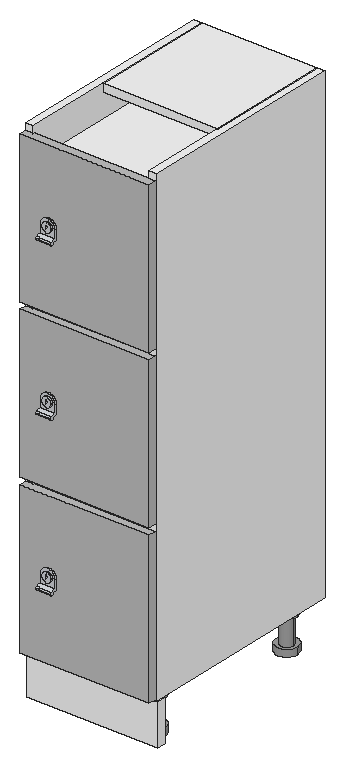
Revit family "1180H Locker Postal Slot Door", category Casework, Revit 2016
Family settings
  OmniClass Number = 23.40.35.00
  OmniClass Title = Casework
  Work Plane-Based = No
  Always vertical = Yes
  Cut with Voids When Loaded = No
  Shared = No
  Room Calculation Point = No
Parameters (values of type "LW311P3ABNP")
  WarrantyGuarantorParts = "www.bisley.com"  # constant formula
  WarrantyGuarantorLabour = "www.bisley.com"  # constant formula
  WarrantyDurationUnit = "Years"  # constant formula
  WarrantyDurationParts = "5"  # constant formula
  WarrantyDurationLabour = "5"  # constant formula
  WarrantyDescription = "5 Years Parts & Labour"  # constant formula
  Uniclass2015Version = "3.1"  # constant formula
  Uniclass2015Title = "Lockers"  # constant formula
  Uniclass2015Code = "Pr_40_30_78_48"  # constant formula
  URL = "www.bisley.com"
  SustainabilityPerformance = "FSC Approved"  # constant formula
  SerialNumber = ""
  NominalWidth = Width  # 300 mm
  NominalLength = Depth  # 500 mm
  NominalHeight = Height  # 1180 mm
  Name = "1180H Postal Slot"  # constant formula
  NBSReference = "45-35-80/380"  # constant formula
  NBSDescription = "General fittings, furnishings and equipment system"  # constant formula
  ModelReference = "LW311P3ABNP"
  Model = "Lockerwall"  # constant formula
  Material = "MFC"  # constant formula
  ManufacturerURL = "www.bisley.com"  # constant formula
  Manufacturer = "Bisley"  # constant formula
  ManufactureName = "Bisley"  # constant formula
  M3 Lock = no
  Foot [instance] = Foot 100 : Foot 100
  Finish = "Matt"  # constant formula
  E4 Lock = no
  DurationUnit = "Years"  # constant formula
  Description = "Lockers"  # constant formula
  Depth = 500 mm
  Height = 1180 mm
  Width = 300 mm
  Carcass Material = "MFC"  # constant formula
  Author = "Bisley"  # constant formula
  AssetType = "Fixed"  # constant formula
  AB Lock = yes
Types (19, lengths in mm): name | NominalWidth | ModelReference | M3 Lock | E4 Lock | Width | AB Lock
  (no name) | 300 | "LW311P3ABNP" | no | no | 300 | yes
  LW311P3ABNP | 300 | "LW311P3ABNP" | no | no | 300 | yes
  LW311P3M3NP | 300 | "LW311P3M3NP" | yes | no | 300 | no
  LW311P3E4NP | 300 | "LW311P3E4NP" | no | yes | 300 | no
  LW311P3ABUK | 300 | "LW311P3ABUK" | no | no | 300 | yes
  LW311P3E4UK | 300 | "LW311P3E4UK" | no | yes | 300 | no
  LW311P3M3UK | 300 | "LW311P3M3UK" | yes | no | 300 | no
  LW411P3ABNP | 400 | "LW411P3ABNP" | no | no | 400 | yes
  LW411P3ABUK | 400 | "LW411P3ABUK" | no | no | 400 | yes
  LW411P3E4NP | 400 | "LW411P3E4NP" | no | yes | 400 | no
  LW411P3E4UK | 400 | "LW411P3E4UK" | no | yes | 400 | no
  LW411P3M3NP | 400 | "LW411P3M3NP" | yes | no | 400 | no
  LW411P3M3UK | 400 | "LW411P3M3UK" | yes | no | 400 | no
  LW511P3ABNP | 500 | "LW511P3ABNP" | no | no | 500 | yes
  LW511P3ABUK | 500 | "LW511P3ABUK" | no | no | 500 | yes
  LW511P3E4NP | 500 | "LW511P3E4NP" | no | yes | 500 | no
  LW511P3E4UK | 500 | "LW511P3E4UK" | no | yes | 500 | no
  LW511P3M3NP | 500 | "LW511P3M3NP" | yes | no | 500 | no
  LW511P3M3UK | 500 | "LW511P3M3UK" | yes | no | 500 | no
Reference planes
  plane 1 "Back": y = 0
  plane 2: z = 0
  plane 3 "Center (Left/Right)": x = 44.7
  plane 4 "Front": y = -500
  plane 5 "Left": x = -105.3
  plane 6 "Right": x = 194.7
  plane 7 "Top": z = 1180
  plane 8 "Base": z = 98
  plane 9 "Base Left": x = -87.3
  plane 10 "Base Right": x = 176.7
  plane 11: y = -482
  plane 12: y = -10.5
  plane 13: y = -29.5
  plane 14 "Back Base": z = 110.5
  plane 15: z = 1167.5
  plane 16: z = 95
  plane 17 "Plinth": y = -477
  plane 18: y = -459
  plane 19: z = 101
  plane 20: z = 446
  plane 21: z = 461
  plane 22: z = 806
  plane 23: z = 821
  plane 24: z = 1166
  plane 25: x = -103.3
  plane 26: x = 192.7
  plane 27 "Shelf 2": z = 819
  plane 28 "Shelf 1": z = 459
  plane 29 "Shelf 3": z = 390
  plane 30 "Shelf 4": z = 750
  plane 31 "Shelf 5": z = 1108.5
  plane 32: y = -282.007
Forms (mm)
  Extrusion 1, solid, not visible
    sketch origin (-1691.73, 346.204, -12) x (1, 0, 0) y (0, 0, 1)
      loop
        line (48, 12) -> (56, 12) -> (56, 20) -> (48, 20) -> (48, 12)
    from 0 to 26
  Extrusion 2, solid, not visible
    sketch origin (-1683.73, 346.204, -12) x (-1, 0, 0) y (0, 0, -1)
      loop
        line (48, -12) -> (48, -20) -> (56, -20) -> (56, -12) -> (48, -12)
    from 0 to 26
  Extrusion 3, solid, not visible
    sketch origin (-1687.73, 350.204, -3.997) x (0, 1, 0) y (0, 0, 1)
      loop
        line (-26, 3.997) -> (-26, 11.997) -> (-34, 11.997) -> (-34, 3.997) -> (-26, 3.997)
    from -52 to 52
  Extrusion 4, solid, material "MFC 1"
    sketch origin (0, 0, 0) x (1, 0, 0) y (0, 1, 0)
      loop
        line (-105.3, -482) -> (-87.3, -482) -> (-87.3, 0) -> (-105.3, 0) -> (-105.3, -482)
    from 98 to 1180
  Extrusion 5, solid, material "MFC 1"
    sketch origin (0, 0, 98) x (-1, 0, 0) y (0, -1, 0)
      loop
        line (-176.7, 482) -> (-194.7, 482) -> (-194.7, 0) -> (-176.7, 0) -> (-176.7, 482)
    from 0 to 1082
  Extrusion 6, solid, material "MFC 1"
    sketch origin (0, 0, 98) x (-1, 0, 0) y (0, -1, 0)
      loop
        line (87.3, 482) -> (-176.7, 482) -> (-176.7, 0) -> (87.3, 0) -> (87.3, 482)
    from 0 to 18
  Extrusion 7, void
    sketch origin (176.7, 0, 0) x (0, 1, 0) y (0, 0, 1)
      loop
        line (-29.5, 110.5) -> (-10.5, 110.5) -> (-10.5, 116) -> (-29.5, 116) -> (-29.5, 110.5)
    from 0 to -264
  Extrusion 8, solid, material "MFC 1"
    sketch origin (0, 0, 1180) x (0, -1, 0) y (1, 0, 0)
      loop
        line (282.007, -87.3) -> (282.007, 176.7) -> (0, 176.7) -> (0, -87.3) -> (282.007, -87.3)
    from 0 to -18
  Extrusion 9, void
    sketch origin (176.7, 0, 0) x (0, 1, 0) y (0, 0, 1)
      loop
        line (-29.5, 1164.5) -> (-10.5, 1164.5) -> (-10.5, 1167.5) -> (-29.5, 1167.5) -> (-29.5, 1164.5)
    from 0 to -264
  Extrusion 10, solid, material "MFC 1"
    sketch origin (0, 0, 110.5) x (0, -1, 0) y (1, 0, 0)
      loop
        line (29.5, -87.3) -> (29.5, 176.7) -> (10.5, 176.7) -> (10.5, -87.3) -> (29.5, -87.3)
    from 0 to 1057
  Extrusion 11, solid, material "MFC 1"
    sketch origin (0, 0, 0) x (1, 0, 0) y (0, 1, 0)
      loop
        line (-105.3, -477) -> (194.7, -477) -> (194.7, -459) -> (-105.3, -459) -> (-105.3, -477)
    from 0 to 95
  Extrusion 12, solid, material "MFC 2"
    sketch origin (0, -500, 0) x (1, 0, 0) y (0, 0, 1)
      loop
        line (-103.3, 821) -> (192.7, 821) -> (192.7, 1166) -> (-103.3, 1166) -> (-103.3, 821)
    from 0 to -18
  Extrusion 13, solid, material "MFC 2"
    sketch origin (0, -500, 0) x (1, 0, 0) y (0, 0, 1)
      loop
        line (-103.3, 461) -> (192.7, 461) -> (192.7, 806) -> (-103.3, 806) -> (-103.3, 461)
    from 0 to -18
  Extrusion 14, solid, material "MFC 2"
    sketch origin (0, -500, 0) x (1, 0, 0) y (0, 0, 1)
      loop
        line (-103.3, 101) -> (192.7, 101) -> (192.7, 446) -> (-103.3, 446) -> (-103.3, 101)
    from 0 to -18
  Extrusion 15, solid, material "MFC 1"
    sketch origin (0, 0, 450) x (-1, 0, 0) y (0, -1, 0)
      loop
        line (87.3, 482) -> (-176.7, 482) -> (-176.7, 29.5) -> (87.3, 29.5) -> (87.3, 482)
    from 9 to 27
  Extrusion 16, solid, material "MFC 1"
    sketch origin (0, 0, 819) x (-1, 0, 0) y (0, -1, 0)
      loop
        line (87.3, 482) -> (-176.7, 482) -> (-176.7, 29.5) -> (87.3, 29.5) -> (87.3, 482)
    from 0 to 18
  Extrusion 17, solid, material "MFC 1"
    sketch origin (0, 0, 390) x (-1, 0, 0) y (0, -1, 0)
      loop
        line (87.3, 482) -> (-176.7, 482) -> (-176.7, 29.5) -> (87.3, 29.5) -> (87.3, 482)
    from 0 to -18
  Extrusion 18, solid, material "MFC 1"
    sketch origin (0, 0, 750) x (-1, 0, 0) y (0, -1, 0)
      loop
        line (87.3, 482) -> (-176.7, 482) -> (-176.7, 29.5) -> (87.3, 29.5) -> (87.3, 482)
    from 0 to -18
  Extrusion 19, solid, material "MFC 1"
    sketch origin (0, 0, 1108.5) x (-1, 0, 0) y (0, -1, 0)
      loop
        line (87.3, 482) -> (-176.7, 482) -> (-176.7, 29.5) -> (87.3, 29.5) -> (87.3, 482)
    from 0 to -18
Cuts and joins
  Extrusion 7, Extrusion 9 cuts Extrusion 5
  Extrusion 7 cuts Extrusion 6
  Extrusion 9 cuts Extrusion 4
  Extrusion 9 cuts Extrusion 8
Dimensions and locks
  "Width": plane 6 "Right" to plane 5 "Left"
  equal spacing: plane 6 "Right", plane 3 "Center (Left/Right)", plane 5 "Left"
  "Depth": plane 4 "Front" to plane 1 "Back"
  "Height": level to plane 7 "Top"
  locked: plane 5 "Left" to plane 9 "Base Left" at 18
  locked: plane 10 "Base Right" to plane 6 "Right" at 18
  locked: plane 7 "Top" to plane 15 at 12.5
  Extrusion 10 to plane 1 "Back" = 10.5 mm
  locked: nested 1 to plane 6 "Right" at 68
  locked: nested 2 to plane 6 "Right" at 68
  locked: plane 1 "Back" to nested 3 at 79.5
  locked: plane 11 to plane 4 "Front" at 18
  locked: plane 17 "Plinth" to plane 4 "Front" at 23
  locked: plane 18 to plane 4 "Front" at 41
  locked: nested 1 to plane 4 "Front" at 91
  locked: plane 5 "Left" to nested 4 at 68
  locked: plane 5 "Left" to nested 3 at 68
  locked: plane 4 "Front" to nested 4 at 91
  locked: plane 6 "Right" to plane 26 at 2
  locked: plane 25 to plane 5 "Left" at 2
  locked: plane 5 "Left" to nested 7 at 51
  locked: plane 5 "Left" to nested 6 at 51
  locked: plane 5 "Left" to nested 5 at 51
  locked: plane 5 "Left" to nested 10 at 40.5
  locked: plane 5 "Left" to nested 9 at 40.5
  locked: plane 5 "Left" to nested 8 at 40.5
  locked: plane 5 "Left" to nested 13 at 54.3
  locked: plane 5 "Left" to nested 12 at 54.3
  locked: plane 5 "Left" to nested 11 at 54.3
  aligned and locked: level to plane 2
  aligned and locked: Extrusion 4 sketch curve to plane 11
  aligned and locked: Extrusion 4 sketch curve to plane 5 "Left"
  aligned and locked: Extrusion 4 sketch curve to plane 1 "Back"
  aligned and locked: plane 9 "Base Left" to Extrusion 4 sketch curve
  aligned and locked: Extrusion 4 to plane 8 "Base"
  aligned and locked: Extrusion 4 to plane 7 "Top"
  aligned and locked: Extrusion 5 sketch curve to plane 11
  aligned and locked: Extrusion 5 sketch curve to plane 10 "Base Right"
  aligned and locked: Extrusion 5 sketch curve to plane 1 "Back"
  aligned and locked: plane 6 "Right" to Extrusion 5 sketch curve
  aligned and locked: Extrusion 5 to plane 7 "Top"
  aligned and locked: Extrusion 5 to plane 8 "Base"
  aligned and locked: Extrusion 4 to Extrusion 6 sketch curve
  aligned and locked: Extrusion 6 sketch curve to Extrusion 4
  aligned and locked: Extrusion 5 to Extrusion 6 sketch curve
  aligned and locked: Extrusion 6 sketch curve to Extrusion 5
  aligned and locked: plane 6 "Right" to Extrusion 5
  aligned and locked: Extrusion 7 to plane 9 "Base Left"
  aligned and locked: plane 10 "Base Right" to Extrusion 7
  aligned and locked: Extrusion 8 sketch curve to Extrusion 4
  aligned and locked: Extrusion 8 sketch curve to cut or joined group of Extrusion 6, Extrusion 7
  aligned and locked: cut or joined group of Extrusion 5, Extrusion 7, Extrusion 9 to Extrusion 8 sketch curve
  aligned and locked: plane 15 to Extrusion 9 sketch curve
  aligned and locked: Extrusion 10 sketch curve to cut or joined group of Extrusion 6, Extrusion 7  (x2)
  aligned and locked: cut or joined group of Extrusion 6, Extrusion 7 to Extrusion 10 sketch curve  (x2)
  aligned and locked: Extrusion 10 to plane 14 "Back Base"
  aligned and locked: plane 15 to Extrusion 10
  aligned and locked: Extrusion 9 to plane 9 "Base Left"
  aligned and locked: Extrusion 11 sketch curve to plane 17 "Plinth"
  aligned and locked: Extrusion 11 sketch curve to plane 5 "Left"
  aligned and locked: plane 18 to Extrusion 11 sketch curve
  aligned and locked: plane 6 "Right" to Extrusion 11 sketch curve
  aligned and locked: Extrusion 11 to plane 5 "Left"
  aligned and locked: plane 6 "Right" to Extrusion 11
  aligned and locked: Extrusion 5 to plane 11
  aligned and locked: Extrusion 4 to plane 11
  aligned and locked: Extrusion 12 to plane 25
  aligned and locked: plane 26 to Extrusion 12
  aligned and locked: Extrusion 12 to plane 23
  aligned and locked: plane 24 to Extrusion 12
  aligned and locked: Extrusion 13 sketch curve to plane 21
  aligned and locked: Extrusion 13 sketch curve to plane 25
  aligned and locked: plane 22 to Extrusion 13 sketch curve
  aligned and locked: plane 26 to Extrusion 13 sketch curve
  aligned and locked: Extrusion 14 sketch curve to plane 19
  aligned and locked: Extrusion 14 sketch curve to plane 25
  aligned and locked: plane 20 to Extrusion 14 sketch curve
  aligned and locked: plane 26 to Extrusion 14 sketch curve
  aligned and locked: Extrusion 15 sketch curve to cut or joined group of Extrusion 6, Extrusion 7  (x2)
  aligned and locked: cut or joined group of Extrusion 6, Extrusion 7 to Extrusion 15 sketch curve
  aligned and locked: nested 2 to Extrusion 15 sketch curve
  aligned and locked: Extrusion 16 sketch curve to cut or joined group of Extrusion 6, Extrusion 7  (x2)
  aligned and locked: cut or joined group of Extrusion 6, Extrusion 7 to Extrusion 16 sketch curve
  aligned and locked: nested 2 to Extrusion 16 sketch curve
  aligned and locked: Extrusion 16 to plane 9 "Base Left"
  aligned and locked: plane 10 "Base Right" to Extrusion 16
  aligned and locked: Extrusion 16 to plane 27 "Shelf 2"
  aligned and locked: Extrusion 15 to plane 28 "Shelf 1"
  aligned and locked: Extrusion 17 sketch curve to cut or joined group of Extrusion 6, Extrusion 7  (x2)
  aligned and locked: cut or joined group of Extrusion 6, Extrusion 7 to Extrusion 17 sketch curve
  aligned and locked: nested 2 to Extrusion 17 sketch curve
  aligned and locked: Extrusion 18 sketch curve to cut or joined group of Extrusion 6, Extrusion 7  (x2)
  aligned and locked: cut or joined group of Extrusion 6, Extrusion 7 to Extrusion 18 sketch curve
  aligned and locked: nested 2 to Extrusion 18 sketch curve
  aligned and locked: Extrusion 19 sketch curve to cut or joined group of Extrusion 6, Extrusion 7  (x2)
  aligned and locked: cut or joined group of Extrusion 6, Extrusion 7 to Extrusion 19 sketch curve
  aligned and locked: nested 2 to Extrusion 19 sketch curve
  aligned and locked: Extrusion 8 to plane 32
  aligned and locked: Extrusion 8 to plane 9 "Base Left"
  aligned and locked: plane 10 "Base Right" to Extrusion 8
  aligned and locked: Extrusion 8 to plane 1 "Back"
Automatic sketch dimensions
  Extrusion 1 sketch curve to Extrusion 1 sketch curve = 8 mm  (x2)
  Extrusion 2 sketch curve to Extrusion 2 sketch curve = 8 mm  (x2)
  Extrusion 3 sketch curve to Extrusion 3 sketch curve = 8 mm  (x2)
  Extrusion 7 sketch curve to plane 13 = 0 mm
  Extrusion 7 sketch curve to plane 12 = 0 mm
  Extrusion 7 sketch curve to plane 14 "Back Base" = 0 mm
  Extrusion 7 sketch curve to Extrusion 7 sketch curve = 5.5 mm
  Extrusion 9 sketch curve to plane 13 = 0 mm
  Extrusion 9 sketch curve to plane 12 = 0 mm
  Extrusion 9 sketch curve to Extrusion 9 sketch curve = 3 mm
  plane 24 to Extrusion 12 sketch curve = 0 mm
  Extrusion 12 sketch curve to plane 25 = 0 mm
  plane 26 to Extrusion 12 sketch curve = 0 mm
  Extrusion 12 sketch curve to plane 23 = 0 mm
  plane 11 to Extrusion 8 sketch curve = 199.993 mm
Nested families
  nested 1: "Foot 100" at (196.401, -409, 0) x (-1, 0, 0) z (0, 0, 1), type "Foot 100"
  nested 2: "Foot 100" at (196.401, -29.5, 0) x (-1, 0, 0) z (0, 0, 1), type "Foot 100"
  nested 3: "Foot 100" at (-107, -29.5, 0), type "Foot 100"
  nested 4: "Foot 100" at (-107, -409, 0), type "Foot 100"
  nested 5: "AB Lock" at (-82, -500, 253), visible <- "AB Lock", type "AB Lock"
  nested 6: "AB Lock" at (-82, -500, 613), visible <- "AB Lock", type "AB Lock"
  nested 7: "AB Lock" at (-82, -500, 971.5), visible <- "AB Lock", type "AB Lock"
  nested 8: "M3 Lock" at (-93, -500, 256), visible <- "M3 Lock", type "M3 Lock"
  nested 9: "M3 Lock" at (-93, -500, 616), visible <- "M3 Lock", type "M3 Lock"
  nested 10: "M3 Lock" at (-93, -500, 976), visible <- "M3 Lock", type "M3 Lock"
  nested 11: "E4 Lock" at (-83, -500, 265), visible <- "E4 Lock", type "E4 Lock"
  nested 12: "E4 Lock" at (-83, -500, 625), visible <- "E4 Lock", type "E4 Lock"
  nested 13: "E4 Lock" at (-83, -500, 983.5), visible <- "E4 Lock", type "E4 Lock"
Definition of nested family "Foot 100"
  Parameters (values of type "Foot 100")
    WarrantyGuarantorParts = "www.bisley.com"  # constant formula
    WarrantyGuarantorLabour = "www.bisley.com"  # constant formula
    WarrantyDurationUnit = "Years"  # constant formula
    WarrantyDurationParts = "5"  # constant formula
    WarrantyDurationLabour = "5"  # constant formula
    WarrantyDescription = "5 Years Parts & Labour"  # constant formula
    Uniclass2015Version = ""
    Uniclass2015Title = ""
    Uniclass2015Code = ""
    URL = "www.bisley.com"
    SustainabilityPerformance = "FSC Approved"  # constant formula
    SerialNumber = ""
    NominalWidth = Width  # 50 mm
    NominalLength = Depth  # 50 mm
    NominalHeight = Height  # 900 mm
    Name = ""
    NBSReference = ""
    NBSDescription = "General fittings, furnishings and equipment system"  # constant formula
    ModelReference = ""
    Model = "Abode"  # constant formula
    Material = "MFC"  # constant formula
    ManufacturerURL = "www.bisley.com"  # constant formula
    Manufacturer = "Bisley"  # constant formula
    ManufactureName = "Bisley"  # constant formula
    Finish = "Matt"  # constant formula
    ExpectedLife = "25"  # constant formula
    DurationUnit = "Years"  # constant formula
    Depth = 50 mm
    Height = 900 mm
    Width = 50 mm
    Carcass Material = "MFC"  # constant formula
    Author = "Bisley"  # constant formula
    AssetType = "Fixed"  # constant formula
  Reference planes
    plane 1 "Back": y = 0
    plane 2: z = 0
    plane 3 "Center (Left/Right)": x = 44.7
    plane 4 "Front": y = -50
    plane 5 "Left": x = 19.7
    plane 6 "Right": x = 69.7
    plane 7 "Top": z = 900
    plane 8: y = -25
    plane 9 "Foot top": z = 98
    plane 10: y = 0
    plane 11: y = -50
    plane 12: x = 19.7
    plane 13: x = 69.7
    plane 14: x = 24.7
    plane 15: y = -5
  Forms (mm)
    Extrusion 1, solid, not visible
      sketch origin (-1691.73, 346.204, -12) x (1, 0, 0) y (0, 0, 1)
        loop
          line (48, 12) -> (56, 12) -> (56, 20) -> (48, 20) -> (48, 12)
      from 0 to 26
    Extrusion 2, solid, not visible
      sketch origin (-1683.73, 346.204, -12) x (-1, 0, 0) y (0, 0, -1)
        loop
          line (48, -12) -> (48, -20) -> (56, -20) -> (56, -12) -> (48, -12)
      from 0 to 26
    Extrusion 3, solid, not visible
      sketch origin (-1687.73, 350.204, -3.997) x (0, 1, 0) y (0, 0, 1)
        loop
          line (-26, 3.997) -> (-26, 11.997) -> (-34, 11.997) -> (-34, 3.997) -> (-26, 3.997)
      from -52 to 52
    Extrusion 4, solid
      sketch origin (0, 275, 0) x (1, 0, 0) y (0, 1, 0)
        loop
          circle (44.7, -300) r 25
      from 0 to 15
    Extrusion 5, solid
      sketch origin (0, 275, 0) x (1, 0, 0) y (0, 1, 0)
        loop
          circle (44.7, -300) r 15
      from 15 to 78
    Extrusion 6, solid
      sketch origin (0, 275, 0) x (1, 0, 0) y (0, 1, 0)
        loop
          circle (44.7, -300) r 25
      from 78 to 98
    Extrusion 7, solid
      sketch origin (0, 275, 98) x (-1, 0, 0) y (0, -1, 0)
        loop
          line (-19.7, 325) -> (-69.7, 325) -> (-69.7, 275) -> (-19.7, 275) -> (-19.7, 325)
      from 0 to -10
    Extrusion 8, void
      sketch origin (0, 275, 98) x (-1, 0, 0) y (0, -1, 0)
        loop
          circle (-24.7, 280) r 2.5
      from 0 to -10
    Extrusion 9, void
      sketch origin (89.401, 275, 98) x (1, 0, 0) y (0, 1, 0)
        loop
          circle (-24.7, -280) r 2.5
      from 0 to -10
    Extrusion 10, void
      sketch origin (0, -325, 98) x (-1, 0, 0) y (0, -1, 0)
        loop
          circle (-24.7, -280) r 2.5
      from 0 to -10
    Extrusion 11, void
      sketch origin (89.401, -325, 98) x (1, 0, 0) y (0, 1, 0)
        loop
          circle (-24.7, 280) r 2.5
      from 0 to -10
  Cuts and joins
    Extrusion 8, Extrusion 9, Extrusion 10, Extrusion 11 cuts Extrusion 4
    Extrusion 8, Extrusion 9, Extrusion 10, Extrusion 11 cuts Extrusion 5
    Extrusion 8, Extrusion 9, Extrusion 10, Extrusion 11 cuts Extrusion 6
    Extrusion 8, Extrusion 9, Extrusion 10, Extrusion 11 cuts Extrusion 7
    joined: Extrusion 4, Extrusion 5, Extrusion 6, Extrusion 7
  Dimensions and locks
    "Width": plane 6 "Right" to plane 5 "Left"
    equal spacing: plane 6 "Right", plane 3 "Center (Left/Right)", plane 5 "Left"
    "Depth": plane 4 "Front" to plane 1 "Back"
    "Height": level to plane 7 "Top"
    aligned and locked: level to plane 2
    aligned and locked: Extrusion 5 to Extrusion 4
    aligned and locked: Extrusion 4 to level
    aligned and locked: Extrusion 6 to Extrusion 5
    aligned and locked: plane 9 "Foot top" to Extrusion 6
  Automatic sketch dimensions
    Extrusion 1 sketch curve to Extrusion 1 sketch curve = 8 mm  (x2)
    Extrusion 2 sketch curve to Extrusion 2 sketch curve = 8 mm  (x2)
    Extrusion 3 sketch curve to Extrusion 3 sketch curve = 8 mm  (x2)
    Extrusion 4 sketch curve to plane 3 "Center (Left/Right)" = 0 mm
    plane 8 to Extrusion 4 sketch curve = 0 mm
    Extrusion 5 sketch curve to plane 3 "Center (Left/Right)" = 0 mm
    plane 8 to Extrusion 5 sketch curve = 0 mm
    Extrusion 6 sketch curve to plane 3 "Center (Left/Right)" = 0 mm
    plane 8 to Extrusion 6 sketch curve = 0 mm
    Extrusion 7 sketch curve to plane 11 = 0 mm
    Extrusion 7 sketch curve to plane 13 = 0 mm
    plane 10 to Extrusion 7 sketch curve = 0 mm
    Extrusion 7 sketch curve to plane 12 = 0 mm
    Extrusion 8 sketch curve to plane 14 = 0 mm
    Extrusion 8 sketch curve to plane 15 = 0 mm
    plane 15 to Extrusion 9 sketch curve = 0 mm
    plane 13 to Extrusion 9 sketch curve = 5 mm
    Extrusion 10 sketch curve to plane 14 = 0 mm
    Extrusion 10 sketch curve to plane 11 = 5 mm
    Extrusion 11 sketch curve to plane 13 = 5 mm
    plane 11 to Extrusion 11 sketch curve = 5 mm
    radius of Extrusion 4 sketch curve = 25 mm
    radius of Extrusion 5 sketch curve = 15 mm
    radius of Extrusion 6 sketch curve = 25 mm
    radius of Extrusion 8 sketch curve = 2.5 mm
    radius of Extrusion 9 sketch curve = 2.5 mm
    radius of Extrusion 10 sketch curve = 2.5 mm
    radius of Extrusion 11 sketch curve = 2.5 mm
Definition of nested family "AB Lock"
  Parameters (values of type "AB Lock")
    WarrantyGuarantorParts = "www.bisley.com"  # constant formula
    WarrantyGuarantorLabour = "www.bisley.com"  # constant formula
    WarrantyDurationUnit = "Years"  # constant formula
    WarrantyDurationParts = "5"  # constant formula
    WarrantyDurationLabour = "5"  # constant formula
    WarrantyDescription = "5 Years Parts & Labour"  # constant formula
    Uniclass2015Version = ""
    Uniclass2015Title = ""
    Uniclass2015Code = ""
    URL = "www.bisley.com"
    SustainabilityPerformance = "FSC Approved"  # constant formula
    SerialNumber = ""
    NominalWidth = Width  # 34 mm
    NominalLength = Depth  # 15 mm
    NominalHeight = Height  # 45 mm
    Name = ""
    NBSReference = ""
    NBSDescription = "General fittings, furnishings and equipment system"  # constant formula
    ModelReference = ""
    Model = "Abode"  # constant formula
    Material = "MFC"  # constant formula
    ManufacturerURL = "www.bisley.com"  # constant formula
    Manufacturer = "Bisley"  # constant formula
    ManufactureName = "Bisley"  # constant formula
    Finish = "Matt"  # constant formula
    ExpectedLife = "25"  # constant formula
    DurationUnit = "Years"  # constant formula
    Depth = 15 mm
    Height = 45 mm
    Width = 34 mm
    Carcass Material = "MFC"  # constant formula
    Author = "Bisley"  # constant formula
    AssetType = "Fixed"  # constant formula
  Reference planes
    plane 1 "Back": y = 0
    plane 2: z = 0
    plane 3 "Center (Left/Right)": x = 44.7
    plane 4 "Front": y = -15
    plane 5 "Left": x = 27.7
    plane 6 "Right": x = 61.7
    plane 7 "Top": z = 45
    plane 8: z = 28
    plane 9: z = 3
    plane 10: x = 31.2
    plane 11: x = 58.2
    plane 12: z = 6
    plane 13: y = -12
    plane 14: z = 10
    plane 15 "Lockback": y = -3
    plane 16: x = 43.2
    plane 17: x = 46.2
    plane 18: z = 32
    plane 19: z = 24
  Forms (mm)
    Extrusion 1, solid, not visible
      sketch origin (-1691.73, 346.204, -12) x (1, 0, 0) y (0, 0, 1)
        loop
          line (48, 12) -> (56, 12) -> (56, 20) -> (48, 20) -> (48, 12)
      from 0 to 26
    Extrusion 2, solid, not visible
      sketch origin (-1683.73, 346.204, -12) x (-1, 0, 0) y (0, 0, -1)
        loop
          line (48, -12) -> (48, -20) -> (56, -20) -> (56, -12) -> (48, -12)
      from 0 to 26
    Extrusion 3, solid, not visible
      sketch origin (-1687.73, 350.204, -3.997) x (0, 1, 0) y (0, 0, 1)
        loop
          line (-26, 3.997) -> (-26, 11.997) -> (-34, 11.997) -> (-34, 3.997) -> (-26, 3.997)
      from -52 to 52
    Extrusion 4, solid
      sketch origin (0, 0, 0) x (1, 0, 0) y (0, 0, 1)
        loop
          line (27.7, 28) -> (27.7, 6) -> (61.7, 6) -> (61.7, 28)
          arc (61.7, 28) -> (44.7, 45) -> (27.7, 28) r 17
      from 0 to 3
    Extrusion 5, solid
      sketch origin (27.7, 0, 0) x (0, 1, 0) y (0, 0, 1)
        loop
          circle (-12, 3) r 3
      from 0 to 34
    Extrusion 6, solid
      sketch origin (27.7, 0, 0) x (0, 1, 0) y (0, 0, 1)
        loop
          line (0, 6) -> (-3, 10)
          arc (-3, 10) -> (-7.815, 8.71) -> (-12, 6) r 16
          arc (-12, 6) -> (-9.879, 5.121) -> (-9, 3) r 3
          arc (-9, 3) -> (-4.809, 5.427) -> (0, 6) r 12
      from 0 to 34
    Extrusion 7, void
      sketch origin (27.7, 0, 0) x (0, 1, 0) y (0, 0, 1)
        loop
          line (-3, 10) -> (-3, 6) -> (0, 6) -> (-3, 10)
      from 0 to 34
    Extrusion 8, solid
      sketch origin (0, -3, 0) x (-1, 0, 0) y (0, 0, 1)
        loop
          circle (-44.7, 28) r 10.5
      from 0 to -3
    Extrusion 9, void
      sketch origin (0, -3, 0) x (-1, 0, 0) y (0, 0, 1)
        loop
          line (-43.2, 24) -> (-43.2, 32) -> (-46.2, 32) -> (-46.2, 24) -> (-43.2, 24)
      from 0 to -3
  Cuts and joins
    Extrusion 7, Extrusion 9 cuts Extrusion 4
    Extrusion 9 cuts Extrusion 5
    Extrusion 9 cuts Extrusion 6
    joined: Extrusion 4, Extrusion 5, Extrusion 6
    Extrusion 9 cuts Extrusion 8
  Lines and regions (mm)
    reference lines
      curve 1: arc (27.7, 0, 6) -> (27.7, -4.809, 5.427) -> (27.7, -9, 3) r 12
      curve 2: arc (27.7, -3, 10) -> (27.7, -7.815, 8.71) -> (27.7, -12, 6) r 16
  Dimensions and locks
    "Width": plane 6 "Right" to plane 5 "Left"
    equal spacing: plane 6 "Right", plane 3 "Center (Left/Right)", plane 5 "Left"
    "Depth": plane 4 "Front" to plane 1 "Back"
    "Height": level to plane 7 "Top"
    aligned and locked: level to plane 2
  Automatic sketch dimensions
    Extrusion 1 sketch curve to Extrusion 1 sketch curve = 8 mm  (x2)
    Extrusion 2 sketch curve to Extrusion 2 sketch curve = 8 mm  (x2)
    Extrusion 3 sketch curve to Extrusion 3 sketch curve = 8 mm  (x2)
    Extrusion 4 sketch curve to plane 5 "Left" = 0 mm
    Extrusion 4 sketch curve to plane 6 "Right" = 0 mm
    Extrusion 4 sketch curve to plane 12 = 0 mm
    Extrusion 4 sketch curve to plane 8 = 0 mm
    Extrusion 5 sketch curve to plane 9 = 0 mm
    Extrusion 5 sketch curve to plane 13 = 0 mm
    curve 2 to plane 12 = 0 mm
    curve 2 to plane 13 = 0 mm
    curve 1 to plane 9 = 0 mm
    plane 14 to curve 2 = 0 mm
    curve 1 to plane 1 "Back" = 0 mm
    curve 1 to plane 12 = 0 mm
    plane 1 "Back" to curve 2 = 1.317 mm
    curve 2 to curve 1 = 0.303 mm
    curve 2 to level = 5.911 mm
    curve 1 to curve 2 = 0.046 mm
    Extrusion 6 sketch curve to plane 12 = 0 mm  (x2)
    Extrusion 6 sketch curve to plane 13 = 0 mm
    Extrusion 6 sketch curve to plane 9 = 0 mm
    plane 14 to Extrusion 6 sketch curve = 0 mm
    Extrusion 6 sketch curve to plane 1 "Back" = 0 mm
    plane 1 "Back" to Extrusion 6 sketch curve = 3 mm
    plane 1 "Back" to Extrusion 6 sketch curve = 1.317 mm
    Extrusion 6 sketch curve to Extrusion 6 sketch curve = 0.303 mm
    Extrusion 7 sketch curve to plane 12 = 0 mm
    plane 14 to Extrusion 7 sketch curve = 0 mm
    Extrusion 7 sketch curve to plane 1 "Back" = 0 mm
    plane 1 "Back" to Extrusion 7 sketch curve = 3 mm
    Extrusion 8 sketch curve to plane 3 "Center (Left/Right)" = 0 mm
    Extrusion 8 sketch curve to plane 8 = 0 mm
    Extrusion 9 sketch curve to plane 17 = 0 mm
    Extrusion 9 sketch curve to plane 16 = 0 mm
    Extrusion 9 sketch curve to plane 19 = 0 mm
    Extrusion 9 sketch curve to plane 18 = 0 mm
    radius of Extrusion 5 sketch curve = 3 mm
    radius of Extrusion 8 sketch curve = 10.5 mm
Definition of nested family "M3 Lock"
  Parameters (values of type "M3 Lock")
    WarrantyGuarantorParts = "www.bisley.com"  # constant formula
    WarrantyGuarantorLabour = "www.bisley.com"  # constant formula
    WarrantyDurationUnit = "Years"  # constant formula
    WarrantyDurationParts = "5"  # constant formula
    WarrantyDurationLabour = "5"  # constant formula
    WarrantyDescription = "5 Years Parts & Labour"  # constant formula
    Uniclass2015Version = ""
    Uniclass2015Title = ""
    Uniclass2015Code = ""
    URL = "www.bisley.com"
    SustainabilityPerformance = "FSC Approved"  # constant formula
    SerialNumber = ""
    NominalWidth = Width  # 33 mm
    NominalLength = Depth  # 21.5 mm
    NominalHeight = Height  # 83.5 mm
    Name = ""
    NBSReference = ""
    NBSDescription = "General fittings, furnishings and equipment system"  # constant formula
    ModelReference = ""
    Model = "Abode"  # constant formula
    Material = "MFC"  # constant formula
    ManufacturerURL = "www.bisley.com"  # constant formula
    Manufacturer = "Bisley"  # constant formula
    ManufactureName = "Bisley"  # constant formula
    Finish = "Matt"  # constant formula
    ExpectedLife = "25"  # constant formula
    DurationUnit = "Years"  # constant formula
    Depth = 21.5 mm
    Height = 83.5 mm
    Width = 33 mm
    Carcass Material = "MFC"  # constant formula
    Author = "Bisley"  # constant formula
    AssetType = "Fixed"  # constant formula
  Reference planes
    plane 1 "Back": y = 0
    plane 2: z = 0
    plane 3 "Center (Left/Right)": x = 44.7
    plane 4 "Front": y = -21.5
    plane 5 "Left": x = 28.2
    plane 6 "Right": x = 61.2
    plane 7 "Top": z = 83.5
    plane 8 "BackFront": y = -3.045
    plane 9: x = 32.2
    plane 10: z = 79.5
    plane 11: x = 57.2
    plane 12: z = 4
    plane 13: x = 32.2
    plane 14: x = 57.2
    plane 15 "Barrel Base": z = 30.5
    plane 16: x = 40.5
    plane 17: x = 48.9
    plane 18: y = -4.445
    plane 19: z = 74.5
    plane 20 "L4": z = 69.8
    plane 21: z = 64.9
    plane 22 "L3": z = 60.2
    plane 23: z = 55.3
    plane 24 "L2": z = 50.6
    plane 25: z = 45.7
    plane 26 "L1": z = 41
    plane 27: x = 38.2
    plane 28: x = 51.2
    plane 29: y = -4.945
    plane 30: z = 40.5
    plane 31 "l-1": z = 38.5
    plane 32: z = 16
    plane 33: y = -9.045
    plane 34 "Thumbturn": y = -19.5
    plane 35: x = 43.2
    plane 36: x = 46.2
    plane 37: z = 20
    plane 38: z = 12
  Forms (mm)
    Extrusion 1, solid, not visible
      sketch origin (-1691.73, 346.204, -12) x (1, 0, 0) y (0, 0, 1)
        loop
          line (48, 12) -> (56, 12) -> (56, 20) -> (48, 20) -> (48, 12)
      from 0 to 26
    Extrusion 2, solid, not visible
      sketch origin (-1683.73, 346.204, -12) x (-1, 0, 0) y (0, 0, -1)
        loop
          line (48, -12) -> (48, -20) -> (56, -20) -> (56, -12) -> (48, -12)
      from 0 to 26
    Extrusion 3, solid, not visible
      sketch origin (-1687.73, 350.204, -3.997) x (0, 1, 0) y (0, 0, 1)
        loop
          line (-26, 3.997) -> (-26, 11.997) -> (-34, 11.997) -> (-34, 3.997) -> (-26, 3.997)
      from -52 to 52
    Extrusion 4, solid
      sketch origin (0, 0, 0) x (1, 0, 0) y (0, 0, 1)
        loop
          line (28.2, 0) -> (61.2, 0) -> (61.2, 83.5) -> (28.2, 83.5) -> (28.2, 0)
      from 0 to 3
    Extrusion 5, void
      sketch origin (0, 0, 0) x (1, 0, 0) y (0, 0, 1)
        loop
          arc (28.2, 79.5) -> (29.372, 82.328) -> (32.2, 83.5) r 4
          line (32.2, 83.5) -> (28.2, 83.5) -> (28.2, 79.5)
      from 0 to 3
    Extrusion 6, void
      sketch origin (0, 0, 0) x (1, 0, 0) y (0, 0, 1)
        loop
          arc (57.2, 83.5) -> (60.029, 82.328) -> (61.2, 79.5) r 4
          line (61.2, 79.5) -> (61.2, 83.5) -> (57.2, 83.5)
      from 0 to 3
    Extrusion 7, void
      sketch origin (0, 0, 0) x (1, 0, 0) y (0, 0, 1)
        loop
          arc (32.2, 0) -> (29.372, 1.172) -> (28.2, 4) r 4
          line (28.2, 4) -> (28.2, 0) -> (32.2, 0)
      from 0 to 3
    Extrusion 8, void
      sketch origin (0, 0, 0) x (1, 0, 0) y (0, 0, 1)
        loop
          line (57.2, 0) -> (61.2, 0) -> (61.2, 4)
          arc (61.2, 4) -> (60.029, 1.172) -> (57.2, 0) r 4
      from 0 to 3
    Extrusion 9, solid
      sketch origin (0, 0, 30.5) x (-1, 0, 0) y (0, -1, 0)
        loop
          arc (-40.5, 3) -> (-44.7, 4.445) -> (-48.9, 3) r 6.827
          line (-48.9, 3) -> (-40.5, 3)
      from 0 to 49
    Extrusion 10, solid
      sketch origin (0, 0, 41) x (-1, 0, 0) y (0, -1, 0)
        loop
          arc (-38.2, 3) -> (-44.7, 4.945) -> (-51.2, 3) r 11.835
          line (-51.2, 3) -> (-38.2, 3)
      from 0 to 4.7
    Extrusion 11, solid
      sketch origin (0, 0, 50.6) x (-1, 0, 0) y (0, -1, 0)
        loop
          arc (-38.2, 3) -> (-44.7, 4.945) -> (-51.2, 3) r 11.835
          line (-51.2, 3) -> (-38.2, 3)
      from 0 to 4.7
    Extrusion 12, solid
      sketch origin (0, 0, 60.2) x (-1, 0, 0) y (0, -1, 0)
        loop
          arc (-38.2, 3) -> (-44.7, 4.945) -> (-51.2, 3) r 11.835
          line (-51.2, 3) -> (-38.2, 3)
      from 0 to 4.7
    Extrusion 13, solid
      sketch origin (0, 0, 69.8) x (-1, 0, 0) y (0, -1, 0)
        loop
          arc (-38.2, 3) -> (-44.7, 4.945) -> (-51.2, 3) r 11.835
          line (-51.2, 3) -> (-38.2, 3)
      from 0 to 4.7
    Extrusion 14, solid
      sketch origin (0, 0, 38.5) x (-1, 0, 0) y (0, -1, 0)
        loop
          arc (-38.2, 3) -> (-44.7, 4.945) -> (-51.2, 3) r 11.835
          line (-51.2, 3) -> (-38.2, 3)
      from 0 to 2
    Extrusion 15, solid
      sketch origin (0, -3.045, 0) x (-1, 0, 0) y (0, 0, 1)
        loop
          circle (-44.7, 16) r 14.25
      from 0 to -4
    Extrusion 16, solid
      sketch origin (0, -3.045, 0) x (-1, 0, 0) y (0, 0, 1)
        loop
          circle (-44.7, 16) r 12.7
      from 0 to -18.455
    Extrusion 17, void
      sketch origin (0, -21.5, 0) x (1, 0, 0) y (0, 0, 1)
        loop
          circle (44.7, 16) r 7.362
      from 0 to -1
    Extrusion 18, solid
      sketch origin (0, -21.5, 0) x (1, 0, 0) y (0, 0, 1)
        loop
          line (40.5, 29.617) -> (40.5, 27.985)
          arc (40.5, 27.985) -> (44.7, 28.7) -> (48.9, 27.985) r 12.7
          line (48.9, 27.985) -> (48.9, 29.617)
          arc (48.9, 29.617) -> (44.7, 30.25) -> (40.5, 29.617) r 14.25
      from 0 to -14.5
    Extrusion 19, solid
      sketch origin (0, -20.483, 0) x (1, 0, 0) y (0, 0, 1)
        loop
          circle (44.7, 16) r 13.48
      from 0 to -1.5
    Extrusion 20, void
      sketch origin (0, -21.5, 0) x (1, 0, 0) y (0, 0, 1)
        loop
          line (43.2, 12) -> (46.2, 12) -> (46.2, 20) -> (43.2, 20) -> (43.2, 12)
      from 0 to -10.5
  Cuts and joins
    Extrusion 5, Extrusion 6, Extrusion 7, Extrusion 8, Extrusion 17, Extrusion 20 cuts Extrusion 4
    Extrusion 17, Extrusion 20 cuts Extrusion 9
    Extrusion 17, Extrusion 20 cuts Extrusion 10
    Extrusion 17, Extrusion 20 cuts Extrusion 11
    Extrusion 17, Extrusion 20 cuts Extrusion 12
    Extrusion 17, Extrusion 20 cuts Extrusion 13
    Extrusion 17, Extrusion 20 cuts Extrusion 14
    Extrusion 17, Extrusion 20 cuts Extrusion 15
    Extrusion 17, Extrusion 20 cuts Extrusion 16
    Extrusion 20 cuts Extrusion 18
    Extrusion 20 cuts Extrusion 19
    joined: Extrusion 4, Extrusion 9, Extrusion 10, Extrusion 11, Extrusion 12, Extrusion 13, Extrusion 14, Extrusion 15, Extrusion 16, Extrusion 18, Extrusion 19
  Dimensions and locks
    "Width": plane 6 "Right" to plane 5 "Left"
    equal spacing: plane 6 "Right", plane 3 "Center (Left/Right)", plane 5 "Left"
    "Depth": plane 4 "Front" to plane 1 "Back"
    "Height": level to plane 7 "Top"
    aligned and locked: level to plane 2
    aligned and locked: plane 10 to Extrusion 9
    aligned and locked: Extrusion 9 to plane 15 "Barrel Base"
    aligned and locked: Extrusion 4 to plane 7 "Top"
    aligned and locked: plane 6 "Right" to Extrusion 4
    aligned and locked: Extrusion 4 to plane 5 "Left"
    aligned and locked: Extrusion 4 to level
  Automatic sketch dimensions
    Extrusion 1 sketch curve to Extrusion 1 sketch curve = 8 mm  (x2)
    Extrusion 2 sketch curve to Extrusion 2 sketch curve = 8 mm  (x2)
    Extrusion 3 sketch curve to Extrusion 3 sketch curve = 8 mm  (x2)
    Extrusion 4 sketch curve to plane 5 "Left" = 0 mm
    Extrusion 4 sketch curve to plane 6 "Right" = 0 mm
    Extrusion 4 sketch curve to level = 0 mm
    Extrusion 4 sketch curve to plane 7 "Top" = 0 mm
    Extrusion 5 sketch curve to plane 7 "Top" = 0 mm
    Extrusion 5 sketch curve to plane 9 = 0 mm
    Extrusion 5 sketch curve to plane 10 = 0 mm
    Extrusion 6 sketch curve to plane 7 "Top" = 0 mm  (x2)
    Extrusion 6 sketch curve to plane 11 = 0 mm
    Extrusion 6 sketch curve to plane 6 "Right" = 0 mm
    Extrusion 6 sketch curve to plane 10 = 0 mm
    Extrusion 7 sketch curve to level = 0 mm
    Extrusion 7 sketch curve to plane 5 "Left" = 0 mm
    plane 9 to Extrusion 7 sketch curve = 0 mm  (x2)
    Extrusion 7 sketch curve to plane 12 = 0 mm
    Extrusion 8 sketch curve to level = 0 mm
    plane 11 to Extrusion 8 sketch curve = 0 mm
    Extrusion 8 sketch curve to plane 12 = 0 mm
    Extrusion 9 sketch curve to plane 17 = 0 mm
    Extrusion 9 sketch curve to plane 16 = 0 mm
    Extrusion 9 sketch curve to plane 1 "Back" = 2.382 mm
    plane 8 "BackFront" to Extrusion 9 sketch curve = 0.045 mm
    Extrusion 10 sketch curve to plane 28 = 0 mm
    Extrusion 10 sketch curve to plane 27 = 0 mm
    Extrusion 10 sketch curve to plane 1 "Back" = 6.89 mm
    plane 8 "BackFront" to Extrusion 10 sketch curve = 0.045 mm
    Extrusion 11 sketch curve to plane 28 = 0 mm
    Extrusion 11 sketch curve to plane 27 = 0 mm
    Extrusion 11 sketch curve to plane 1 "Back" = 6.89 mm
    plane 8 "BackFront" to Extrusion 11 sketch curve = 0.045 mm
    Extrusion 12 sketch curve to plane 28 = 0 mm
    Extrusion 12 sketch curve to plane 27 = 0 mm
    Extrusion 12 sketch curve to plane 1 "Back" = 6.89 mm
    plane 8 "BackFront" to Extrusion 12 sketch curve = 0.045 mm
    Extrusion 13 sketch curve to plane 28 = 0 mm
    Extrusion 13 sketch curve to plane 27 = 0 mm
    Extrusion 13 sketch curve to plane 1 "Back" = 6.89 mm
    plane 8 "BackFront" to Extrusion 13 sketch curve = 0.045 mm
    Extrusion 14 sketch curve to plane 28 = 0 mm
    Extrusion 14 sketch curve to plane 27 = 0 mm
    Extrusion 14 sketch curve to plane 1 "Back" = 6.89 mm
    plane 8 "BackFront" to Extrusion 14 sketch curve = 0.045 mm
    Extrusion 15 sketch curve to plane 3 "Center (Left/Right)" = 0 mm
    Extrusion 15 sketch curve to plane 32 = 0 mm
    Extrusion 16 sketch curve to plane 3 "Center (Left/Right)" = 0 mm
    Extrusion 16 sketch curve to plane 32 = 0 mm
    Extrusion 17 sketch curve to plane 3 "Center (Left/Right)" = 0 mm
    Extrusion 17 sketch curve to plane 32 = 0 mm
    Extrusion 18 sketch curve to Extrusion 18 sketch curve = 0 mm  (x2)
    Extrusion 18 sketch curve to plane 16 = 0 mm
    Extrusion 18 sketch curve to plane 3 "Center (Left/Right)" = 0 mm
    Extrusion 18 sketch curve to plane 17 = 0 mm
    Extrusion 18 sketch curve to plane 32 = 0 mm
    Extrusion 18 sketch curve to plane 15 "Barrel Base" = 2.515 mm
    Extrusion 18 sketch curve to plane 15 "Barrel Base" = 0.883 mm
    Extrusion 19 sketch curve to plane 3 "Center (Left/Right)" = 0 mm
    Extrusion 19 sketch curve to plane 32 = 0 mm
    Extrusion 20 sketch curve to plane 35 = 0 mm
    Extrusion 20 sketch curve to plane 36 = 0 mm
    Extrusion 20 sketch curve to plane 38 = 0 mm
    Extrusion 20 sketch curve to plane 37 = 0 mm
    radius of Extrusion 15 sketch curve = 14.25 mm
    radius of Extrusion 16 sketch curve = 12.7 mm
    radius of Extrusion 17 sketch curve = 7.362 mm
    radius of Extrusion 19 sketch curve = 13.48 mm
Definition of nested family "E4 Lock"
  Parameters (values of type "E4 Lock")
    WarrantyGuarantorParts = "www.bisley.com"  # constant formula
    WarrantyGuarantorLabour = "www.bisley.com"  # constant formula
    WarrantyDurationUnit = "Years"  # constant formula
    WarrantyDurationParts = "5"  # constant formula
    WarrantyDurationLabour = "5"  # constant formula
    WarrantyDescription = "5 Years Parts & Labour"  # constant formula
    Uniclass2015Version = ""
    Uniclass2015Title = ""
    Uniclass2015Code = ""
    URL = "www.bisley.com"
    SustainabilityPerformance = "FSC Approved"  # constant formula
    SerialNumber = ""
    NominalWidth = Width  # 25.4 mm
    NominalLength = Depth  # 20.4 mm
    NominalHeight = Height  # 101 mm
    Name = ""
    NBSReference = ""
    NBSDescription = "General fittings, furnishings and equipment system"  # constant formula
    ModelReference = ""
    Model = "Abode"  # constant formula
    Material = "MFC"  # constant formula
    ManufacturerURL = "www.bisley.com"  # constant formula
    Manufacturer = "Bisley"  # constant formula
    ManufactureName = "Bisley"  # constant formula
    Finish = "Matt"  # constant formula
    ExpectedLife = "25"  # constant formula
    DurationUnit = "Years"  # constant formula
    Depth = 20.4 mm
    Height = 101 mm
    Width = 25.4 mm
    Carcass Material = "MFC"  # constant formula
    Author = "Bisley"  # constant formula
    AssetType = "Fixed"  # constant formula
  Reference planes
    plane 1 "Back": y = 0
    plane 2: z = 0
    plane 3 "Center (Left/Right)": x = 44.7
    plane 4 "Front": y = -20.4
    plane 5 "Left": x = 32
    plane 6 "Right": x = 57.4
    plane 7 "Top": z = 101
    plane 8 "Back Front": y = -13.4
    plane 9: x = 35
    plane 10: x = 54.4
    plane 11: x = 35
    plane 12: x = 54.4
    plane 13: z = 3
    plane 14: z = 98
    plane 15 "Numbers": y = -14.4
    plane 16: z = 94
    plane 17: z = 87
    plane 18: z = 84.5
    plane 19: z = 77.5
    plane 20: z = 75
    plane 21: z = 68
    plane 22: z = 65.5
    plane 23: z = 58.5
    plane 24: z = 56
    plane 25: z = 49
    plane 26: z = 46.5
    plane 27: z = 39.5
    plane 28: z = 37
    plane 29: z = 32
    plane 30: z = 5.5
    plane 31: z = 25
    plane 32: z = 23
    plane 33: x = 36
    plane 34: x = 53.4
    plane 35: x = 44.5
    plane 36: x = 44.9
    plane 37: x = 37.98
    plane 38: x = 51.4
    plane 39: z = 35.539
    plane 40: z = 33.5
    plane 41: z = 28.5
    plane 42: x = 41.287
    plane 43: x = 48.1
    plane 44: x = 39.98
    plane 45: x = 49.4
    plane 46: z = 21
    plane 47: z = 7.5
    plane 48: z = 14.25
  Forms (mm)
    Extrusion 1, solid, not visible
      sketch origin (-1691.73, 346.204, -12) x (1, 0, 0) y (0, 0, 1)
        loop
          line (48, 12) -> (56, 12) -> (56, 20) -> (48, 20) -> (48, 12)
      from 0 to 26
    Extrusion 2, solid, not visible
      sketch origin (-1683.73, 346.204, -12) x (-1, 0, 0) y (0, 0, -1)
        loop
          line (48, -12) -> (48, -20) -> (56, -20) -> (56, -12) -> (48, -12)
      from 0 to 26
    Extrusion 3, solid, not visible
      sketch origin (-1687.73, 350.204, -3.997) x (0, 1, 0) y (0, 0, 1)
        loop
          line (-26, 3.997) -> (-26, 11.997) -> (-34, 11.997) -> (-34, 3.997) -> (-26, 3.997)
      from -52 to 52
    Extrusion 4, solid
      sketch origin (0, 0, 0) x (1, 0, 0) y (0, 0, 1)
        loop
          line (32, 0) -> (57.4, 0) -> (57.4, 101) -> (32, 101) -> (32, 0)
      from 0 to 13.4
    Extrusion 5, void
      sketch origin (0, 0, 0) x (1, 0, 0) y (0, 0, 1)
        loop
          arc (32, 98) -> (32.879, 100.121) -> (35, 101) r 3
          line (35, 101) -> (32, 101) -> (32, 98)
      from 0 to 13.4
    Extrusion 6, void
      sketch origin (0, 0, 0) x (1, 0, 0) y (0, 0, 1)
        loop
          line (57.4, 98) -> (57.4, 101) -> (54.4, 101)
          arc (54.4, 101) -> (56.522, 100.121) -> (57.4, 98) r 3
      from 0 to 13.4
    Extrusion 7, void
      sketch origin (0, 0, 0) x (1, 0, 0) y (0, 0, 1)
        loop
          line (32, 3) -> (32, 0) -> (35, 0)
          arc (35, 0) -> (32.879, 0.879) -> (32, 3) r 3
      from 0 to 13.4
    Extrusion 8, void
      sketch origin (0, 0, 0) x (1, 0, 0) y (0, 0, 1)
        loop
          line (54.4, 0) -> (57.4, 0) -> (57.4, 3)
          arc (57.4, 3) -> (56.522, 0.879) -> (54.4, 0) r 3
      from 0 to 13.4
    Extrusion 9, solid
      sketch origin (0, -13.4, 0) x (-1, 0, 0) y (0, 0, 1)
        loop
          line (-36, 87) -> (-36, 94) -> (-44.5, 94) -> (-44.5, 87) -> (-36, 87)
      from 0 to -1
    Extrusion 10, solid
      sketch origin (0, -13.4, 0) x (-1, 0, 0) y (0, 0, 1)
        loop
          line (-44.9, 87) -> (-44.9, 94) -> (-53.4, 94) -> (-53.4, 87) -> (-44.9, 87)
      from 0 to -1
    Extrusion 11, solid
      sketch origin (0, -13.4, -9.5) x (-1, 0, 0) y (0, 0, 1)
        loop
          line (-36, 87) -> (-36, 94) -> (-44.5, 94) -> (-44.5, 87) -> (-36, 87)
      from 0 to -1
    Extrusion 12, solid
      sketch origin (0, -13.4, -9.5) x (-1, 0, 0) y (0, 0, 1)
        loop
          line (-44.9, 87) -> (-44.9, 94) -> (-53.4, 94) -> (-53.4, 87) -> (-44.9, 87)
      from 0 to -1
    Extrusion 13, solid
      sketch origin (0, -13.4, -19) x (-1, 0, 0) y (0, 0, 1)
        loop
          line (-36, 87) -> (-36, 94) -> (-44.5, 94) -> (-44.5, 87) -> (-36, 87)
      from 0 to -1
    Extrusion 14, solid
      sketch origin (0, -13.4, -19) x (-1, 0, 0) y (0, 0, 1)
        loop
          line (-44.9, 87) -> (-44.9, 94) -> (-53.4, 94) -> (-53.4, 87) -> (-44.9, 87)
      from 0 to -1
    Extrusion 15, solid
      sketch origin (0, -13.4, -28.5) x (-1, 0, 0) y (0, 0, 1)
        loop
          line (-36, 87) -> (-36, 94) -> (-44.5, 94) -> (-44.5, 87) -> (-36, 87)
      from 0 to -1
    Extrusion 16, solid
      sketch origin (0, -13.4, -28.5) x (-1, 0, 0) y (0, 0, 1)
        loop
          line (-44.9, 87) -> (-44.9, 94) -> (-53.4, 94) -> (-53.4, 87) -> (-44.9, 87)
      from 0 to -1
    Extrusion 17, solid
      sketch origin (0, -13.4, -38) x (-1, 0, 0) y (0, 0, 1)
        loop
          line (-36, 87) -> (-36, 94) -> (-44.5, 94) -> (-44.5, 87) -> (-36, 87)
      from 0 to -1
    Extrusion 18, solid
      sketch origin (0, -13.4, -38) x (-1, 0, 0) y (0, 0, 1)
        loop
          line (-44.9, 87) -> (-44.9, 94) -> (-53.4, 94) -> (-53.4, 87) -> (-44.9, 87)
      from 0 to -1
    Extrusion 19, solid
      sketch origin (0, -13.4, -47.5) x (-1, 0, 0) y (0, 0, 1)
        loop
          line (-36, 87) -> (-36, 94) -> (-44.5, 94) -> (-44.5, 87) -> (-36, 87)
      from 0 to -1
    Extrusion 20, solid
      sketch origin (0, -13.4, -47.5) x (-1, 0, 0) y (0, 0, 1)
        loop
          line (-44.9, 87) -> (-44.9, 94) -> (-53.4, 94) -> (-53.4, 87) -> (-44.9, 87)
      from 0 to -1
    Extrusion 21, solid
      sketch origin (0, -14.4, 0) x (-1, 0, 0) y (0, 0, 1)
        loop
          line (-37.98, 33.5) -> (-37.98, 35.539) -> (-51.4, 35.539) -> (-51.4, 33.5) -> (-37.98, 33.5)
      from 0 to 1
    Extrusion 22, solid
      sketch origin (0, -14.4, 0) x (-1, 0, 0) y (0, 0, 1)
        loop
          line (-37.98, 25) -> (-37.98, 32) -> (-51.4, 32) -> (-51.4, 25) -> (-37.98, 25)
      from 0 to 1
    Extrusion 23, void
      sketch origin (0, -14.4, 0) x (-1, 0, 0) y (0, 0, 1)
        loop
          circle (-41.287, 28.5) r 1
      from 0 to 1
    Extrusion 24, void
      sketch origin (0, -14.4, 0) x (-1, 0, 0) y (0, 0, 1)
        loop
          circle (-44.7, 28.5) r 0.982
      from 0 to 1
    Extrusion 25, void
      sketch origin (0, -14.4, 0) x (-1, 0, 0) y (0, 0, 1)
        loop
          circle (-48.1, 28.5) r 1.013
      from 0 to 1
    Extrusion 26, solid
      sketch origin (0, -20.4, 0) x (1, 0, 0) y (0, 0, 1)
        loop
          line (37.98, 5.5) -> (51.4, 5.5) -> (51.4, 23) -> (37.98, 23) -> (37.98, 5.5)
      from 0 to -6
    Extrusion 27, void
      sketch origin (0, -20.4, 0) x (1, 0, 0) y (0, 0, 1)
        loop
          line (39.98, 23) -> (37.98, 23) -> (37.98, 21)
          arc (37.98, 21) -> (38.566, 22.414) -> (39.98, 23) r 2
      from 0 to -6
    Extrusion 28, void
      sketch origin (0, -20.4, 0) x (1, 0, 0) y (0, 0, 1)
        loop
          arc (49.4, 23) -> (50.815, 22.414) -> (51.4, 21) r 2
          line (51.4, 21) -> (51.4, 23) -> (49.4, 23)
      from 0 to -6
    Extrusion 29, void
      sketch origin (0, -20.4, 0) x (1, 0, 0) y (0, 0, 1)
        loop
          line (37.98, 7.5) -> (37.98, 5.5) -> (39.98, 5.5)
          arc (39.98, 5.5) -> (38.566, 6.086) -> (37.98, 7.5) r 2
      from 0 to -6
    Extrusion 30, void
      sketch origin (0, -20.4, 0) x (1, 0, 0) y (0, 0, 1)
        loop
          line (49.4, 5.5) -> (51.4, 5.5) -> (51.4, 7.5)
          arc (51.4, 7.5) -> (50.815, 6.086) -> (49.4, 5.5) r 2
      from 0 to -6
    Extrusion 31, solid
      sketch origin (0, -14.4, 0) x (-1, 0, 0) y (0, 0, 1)
        loop
          circle (-44.7, 14.25) r 7.5
      from 0 to 1
  Cuts and joins
    Extrusion 5, Extrusion 6, Extrusion 7, Extrusion 8 cuts Extrusion 4
    Extrusion 23, Extrusion 24, Extrusion 25 cuts Extrusion 22
    Extrusion 27, Extrusion 28, Extrusion 29, Extrusion 30 cuts Extrusion 26
  Dimensions and locks
    "Width": plane 6 "Right" to plane 5 "Left"
    equal spacing: plane 6 "Right", plane 3 "Center (Left/Right)", plane 5 "Left"
    "Depth": plane 4 "Front" to plane 1 "Back"
    "Height": level to plane 7 "Top"
    aligned and locked: level to plane 2
    aligned and locked: Extrusion 4 to plane 5 "Left"
    aligned and locked: plane 6 "Right" to Extrusion 4
    aligned and locked: Extrusion 4 to plane 7 "Top"
    aligned and locked: Extrusion 4 to level
  Automatic sketch dimensions
    Extrusion 1 sketch curve to Extrusion 1 sketch curve = 8 mm  (x2)
    Extrusion 2 sketch curve to Extrusion 2 sketch curve = 8 mm  (x2)
    Extrusion 3 sketch curve to Extrusion 3 sketch curve = 8 mm  (x2)
    Extrusion 4 sketch curve to plane 5 "Left" = 0 mm
    Extrusion 4 sketch curve to plane 6 "Right" = 0 mm
    Extrusion 4 sketch curve to level = 0 mm
    Extrusion 4 sketch curve to plane 7 "Top" = 0 mm
    Extrusion 5 sketch curve to plane 5 "Left" = 0 mm  (x2)
    Extrusion 5 sketch curve to plane 7 "Top" = 0 mm
    Extrusion 5 sketch curve to plane 9 = 0 mm
    Extrusion 5 sketch curve to plane 14 = 0 mm
    Extrusion 6 sketch curve to plane 10 = 0 mm
    Extrusion 6 sketch curve to plane 6 "Right" = 0 mm
    Extrusion 6 sketch curve to plane 14 = 0 mm
    Extrusion 7 sketch curve to level = 0 mm
    Extrusion 7 sketch curve to plane 5 "Left" = 0 mm
    plane 9 to Extrusion 7 sketch curve = 0 mm
    Extrusion 8 sketch curve to level = 0 mm
    plane 10 to Extrusion 8 sketch curve = 0 mm
    Extrusion 8 sketch curve to plane 6 "Right" = 0 mm
    Extrusion 9 sketch curve to plane 17 = 0 mm
    Extrusion 9 sketch curve to plane 35 = 0 mm
    Extrusion 9 sketch curve to plane 16 = 0 mm
    Extrusion 9 sketch curve to plane 33 = 0 mm
    Extrusion 10 sketch curve to plane 17 = 0 mm
    Extrusion 10 sketch curve to plane 34 = 0 mm
    Extrusion 10 sketch curve to plane 16 = 0 mm
    Extrusion 10 sketch curve to plane 36 = 0 mm
    Extrusion 11 sketch curve to plane 19 = 0 mm
    Extrusion 11 sketch curve to plane 35 = 0 mm
    Extrusion 11 sketch curve to plane 18 = 0 mm
    Extrusion 11 sketch curve to plane 33 = 0 mm
    Extrusion 12 sketch curve to plane 19 = 0 mm
    Extrusion 12 sketch curve to plane 34 = 0 mm
    Extrusion 12 sketch curve to plane 18 = 0 mm
    Extrusion 12 sketch curve to plane 36 = 0 mm
    Extrusion 13 sketch curve to plane 21 = 0 mm
    Extrusion 13 sketch curve to plane 35 = 0 mm
    Extrusion 13 sketch curve to plane 20 = 0 mm
    Extrusion 13 sketch curve to plane 33 = 0 mm
    Extrusion 14 sketch curve to plane 21 = 0 mm
    Extrusion 14 sketch curve to plane 34 = 0 mm
    Extrusion 14 sketch curve to plane 20 = 0 mm
    Extrusion 14 sketch curve to plane 36 = 0 mm
    Extrusion 15 sketch curve to plane 23 = 0 mm
    Extrusion 15 sketch curve to plane 35 = 0 mm
    Extrusion 15 sketch curve to plane 22 = 0 mm
    Extrusion 15 sketch curve to plane 33 = 0 mm
    Extrusion 16 sketch curve to plane 23 = 0 mm
    Extrusion 16 sketch curve to plane 34 = 0 mm
    Extrusion 16 sketch curve to plane 22 = 0 mm
    Extrusion 16 sketch curve to plane 36 = 0 mm
    Extrusion 17 sketch curve to plane 25 = 0 mm
    Extrusion 17 sketch curve to plane 35 = 0 mm
    Extrusion 17 sketch curve to plane 24 = 0 mm
    Extrusion 17 sketch curve to plane 33 = 0 mm
    Extrusion 18 sketch curve to plane 25 = 0 mm
    Extrusion 18 sketch curve to plane 34 = 0 mm
    Extrusion 18 sketch curve to plane 24 = 0 mm
    Extrusion 18 sketch curve to plane 36 = 0 mm
    Extrusion 19 sketch curve to plane 27 = 0 mm
    Extrusion 19 sketch curve to plane 35 = 0 mm
    Extrusion 19 sketch curve to plane 26 = 0 mm
    Extrusion 19 sketch curve to plane 33 = 0 mm
    Extrusion 20 sketch curve to plane 27 = 0 mm
    Extrusion 20 sketch curve to plane 34 = 0 mm
    Extrusion 20 sketch curve to plane 26 = 0 mm
    Extrusion 20 sketch curve to plane 36 = 0 mm
    Extrusion 21 sketch curve to plane 38 = 0 mm
    Extrusion 21 sketch curve to plane 37 = 0 mm
    Extrusion 21 sketch curve to plane 40 = 0 mm
    Extrusion 21 sketch curve to plane 39 = 0 mm
    Extrusion 22 sketch curve to plane 31 = 0 mm
    Extrusion 22 sketch curve to plane 38 = 0 mm
    Extrusion 22 sketch curve to plane 29 = 0 mm
    Extrusion 22 sketch curve to plane 37 = 0 mm
    Extrusion 23 sketch curve to plane 41 = 0 mm
    Extrusion 23 sketch curve to plane 42 = 0 mm
    Extrusion 24 sketch curve to plane 3 "Center (Left/Right)" = 0 mm
    Extrusion 24 sketch curve to plane 41 = 0 mm
    Extrusion 25 sketch curve to plane 41 = 0 mm
    Extrusion 25 sketch curve to plane 43 = 0 mm
    Extrusion 26 sketch curve to plane 32 = 0 mm
    Extrusion 26 sketch curve to plane 37 = 0 mm
    Extrusion 26 sketch curve to plane 38 = 0 mm
    Extrusion 26 sketch curve to plane 30 = 0 mm
    Extrusion 27 sketch curve to plane 32 = 0 mm
    Extrusion 27 sketch curve to plane 37 = 0 mm
    Extrusion 27 sketch curve to plane 46 = 0 mm
    Extrusion 28 sketch curve to plane 45 = 0 mm
    Extrusion 28 sketch curve to plane 32 = 0 mm
    Extrusion 28 sketch curve to plane 46 = 0 mm
    Extrusion 29 sketch curve to plane 30 = 0 mm
    Extrusion 29 sketch curve to plane 37 = 0 mm
    Extrusion 29 sketch curve to plane 47 = 0 mm
    Extrusion 30 sketch curve to plane 30 = 0 mm
    Extrusion 30 sketch curve to plane 45 = 0 mm
    Extrusion 30 sketch curve to plane 47 = 0 mm
    Extrusion 31 sketch curve to plane 3 "Center (Left/Right)" = 0 mm
    Extrusion 31 sketch curve to plane 48 = 0 mm
    radius of Extrusion 23 sketch curve = 1 mm
    radius of Extrusion 24 sketch curve = 0.982 mm
    radius of Extrusion 25 sketch curve = 1.013 mm
    radius of Extrusion 31 sketch curve = 7.5 mm
